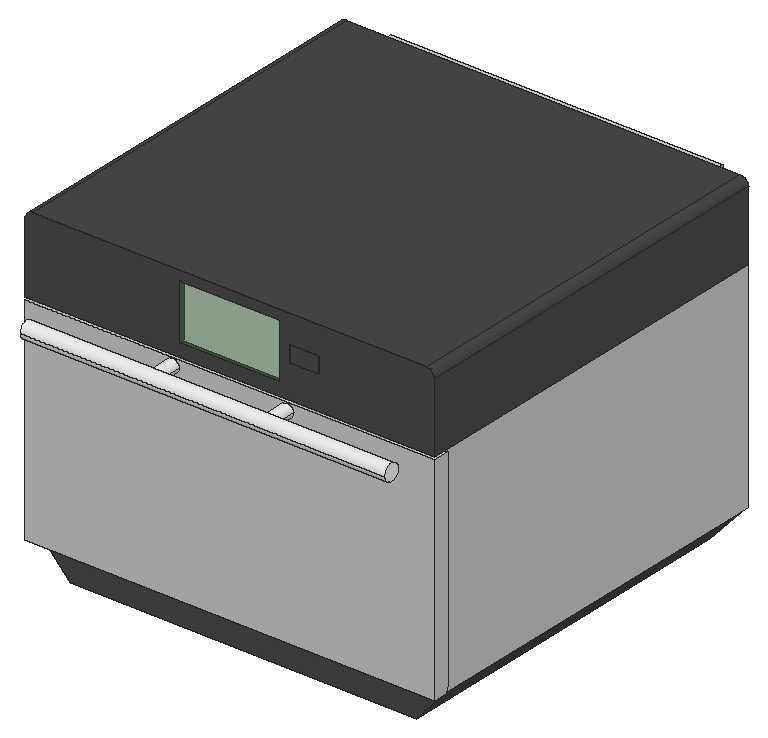
Revit family "QF_ACP_AXP-MXP", category Specialty Equipment, Revit 2016
Family settings
  Part Type = Normal
  Round Connector Dimension = Use Diameter
  OmniClass Number = 23.40.40.14.31
  OmniClass Title = Cleaning and Disposal Equipment
  Work Plane-Based = Yes
  Always vertical = Yes
  Cut with Voids When Loaded = No
  Shared = No
  Room Calculation Point = No
Parameters
  Weight in Pounds = 150
  Watts = 5700 W
  Watermarked By = "http://revitwatermark.com"
  Volts = 208 V
  URL Manufacturer = ""
  URL Cutsheet = ""
  URL = "www.acpsolutions.com"
  Status [instance] = ""
  Specification by User [instance] = ""
  Specification by Manufacturer = ""
  Serial Number = ""
  Seismic Rating [instance] = ""
  Revision Code [instance] = ""
  Phase = 1
  Omniclass Number and Title = ""
  Number of Poles [instance] = 1
  NAFEM Spec ID Number = ""
  Model = "AXP-MXP"
  Masterspec = ""
  Manufacturer = "ACP"
  Item Number [instance] = "-"
  Installed By [instance] = ""
  Furnished By [instance] = ""
  Foodservice Equipment Identifier [instance] = yes
  FL Amps = 27.4 A
  Electrical Remarks [instance] = ""
  Electric Connection Type [instance] = ""
  Elec Conn RI Height [instance] = 0.00"
  Elec Conn Connection Height [instance] = 6.00"
  Description = "Combination Cooking Oven"
  Default Elevation = 48.00"
  Cycle = 60 Hz
  Conn Plug = "NEMA 6-30P"
  CSI MasterFormat = "11 44 16"
  Assembly Code = "E1090320"
  Apparent Power = if(Phase = 3, Volts * FL Amps * 1.73, Volts * FL Amps)  # 5699.2 VA
Reference planes (in)
  plane 1 "BACK": y = -0.25
  plane 2: z = 0
  plane 3 "LEFT": x = 0
  plane 4 "RIGHT": x = 25.125
  plane 5 "FRONT": y = -25.76
  plane 6 "TOP": z = 20.3
  plane 7 "Handle": y = -27.34
  plane 8: z = 14.89
  plane 9: z = 6
  plane 10: x = 1.25727
  plane 11 "Back of Box": y = -1.73
  plane 12: z = 19.42578
  plane 13: z = 8.94922
  plane 14: z = 2.14
  plane 15 "Front of Box": y = -24.71
  plane 16: z = 27.625
  plane 17: x = 2.06
  plane 18: x = 22.375
  plane 19: z = 15.53
  plane 20: y = -39.22
  plane 21: z = 15.356
  plane 22: x = 1.3725
  plane 23: x = 23.7525
  plane 24: x = 9.06
  plane 25: x = 16.065
  plane 26: z = 19.73
  plane 27: z = 16.32
  plane 28: z = 18.57
  plane 29: z = 17.57
  plane 30: x = 9.514
  plane 31: x = 15.604
  plane 32: x = 16.224
  plane 33: x = 17.999
  plane 34: x = 12.5625
  plane 35: x = 14.0625
  plane 36: x = 11.0625
Forms (in)
  Extrusion 1, solid, material "QF_Plastic-Black-Fine Textured"
    sketch origin (0, -0.25, 0) x (1, 0, 0) y (0, 0, 1)
      loop
        line (0, 2.14) -> (1.95607, 0) -> (23.18381, 0) -> (25.10479, 2.14) -> (0, 2.14)
    from 2 to 24.46
  Extrusion 2, solid, material "QF_Stainless-Polished"
    sketch origin (0, -0.25, 0) x (1, 0, 0) y (0, 0, 1)
      loop
        line (0, 15.53) -> (0, 2.14) -> (25.10479, 2.14) -> (25.10479, 15.53) -> (0, 15.53)
    from 1.44487 to 24.46
  Extrusion 3, solid, material "QF_Plastic-Black-Fine Textured"
    sketch origin (0, -23.67487, 0) x (-1, 0, 0) y (0, 0, 1)
      loop
        line (-0.5, 20.3) -> (-24.625, 20.3)
        arc (-24.625, 20.3) -> (-24.97855, 20.15355) -> (-25.125, 19.8) r 0.5
        line (-25.125, 19.8) -> (-25.125, 15.53) -> (0, 15.53) -> (0, 19.8)
        arc (0, 19.8) -> (-0.14645, 20.15355) -> (-0.5, 20.3) r 0.5
      loop
        line (-9.514, 16.32) -> (-9.514, 19.73) -> (-15.604, 19.73) -> (-15.604, 16.32) -> (-9.514, 16.32)
      loop
        line (-16.224, 18.57) -> (-17.999, 18.57) -> (-17.999, 17.57) -> (-16.224, 17.57) -> (-16.224, 18.57)
    from 21.98 to -2.08513
  Extrusion 4, void
    sketch origin (0, -0.25, 0) x (1, 0, 0) y (0, 0, 1)
      loop
        circle (1.25727, 6) r 0.25
    from 1.65391 to 1.44487
  Extrusion 5, solid
    sketch origin (0, -0.25, 0) x (1, 0, 0) y (0, 0, 1)
      loop
        line (22.375, 19.42578) -> (2.06, 19.42578) -> (2.06, 8.94922) -> (22.375, 8.94922) -> (22.375, 19.42578)
    from 0 to 1.44487
  Extrusion 6, solid, material "QF_Stainless-Polished"
    sketch origin (0, 0, 0) x (0, 1, 0) y (0, 0, 1)
      loop
        line (-24.71, 15.356) -> (-25.76, 15.356) -> (-25.76, 2.14) -> (-24.88021, 2.14) -> (-24.71, 2.50501) -> (-24.71, 15.356)
    from 0 to 25.125
  Extrusion 7, solid, material "QF_Steel-Chrome Plated"
    sketch origin (0, 0, 0) x (0, 1, 0) y (0, 0, 1)
      loop
        circle (-27.34, 14.89) r 0.5
    from 1.3725 to 23.7525
  Extrusion 8, solid, material "QF_Steel-Chrome Plated"
    sketch origin (0, -27.34, -24) x (0, 0, -1) y (1, 0, 0)
      loop
        circle (-38.89, 9.06) r 0.395
      loop
        circle (-38.89, 16.065) r 0.395
    from 0 to -1.58
  Extrusion 9, solid, material "QF_Glass-LED-Green"
    sketch origin (0, -27.34, -24) x (0, 0, -1) y (1, 0, 0)
      loop
        line (-43.73, 9.514) -> (-40.32, 9.514) -> (-40.32, 15.604) -> (-43.73, 15.604) -> (-43.73, 9.514)
    from -1.58 to -1.84009
  Extrusion 10, solid, material "QF_Plastic-Light Gray"
    sketch origin (0, 0, 0) x (1, 0, 0) y (0, 1, 0)
      loop
        line (9.514, -25.49991) -> (15.604, -25.49991) -> (15.604, -25.39418) -> (9.514, -25.39418) -> (9.514, -25.49991)
    from 16.32 to 19.73
  Extrusion 11, solid, material "QF_Plastic-Black-Fine Textured"
    sketch origin (0, -25.76, 0) x (1, 0, 0) y (0, 0, 1)
      loop
        line (16.224, 18.57) -> (16.224, 17.57) -> (17.999, 17.57) -> (17.999, 18.57) -> (16.224, 18.57)
    from 0 to -0.87979
  Extrusion 12, solid, material "QF_Clearance", detail levels coarse+medium
    sketch origin (0, 0, 0) x (1, 0, 0) y (0, 1, 0)
      loop
        line (0, -25.76) -> (0, -0.25) -> (25.125, -0.25) -> (25.125, -25.76) -> (27.125, -25.76) -> (27.125, 1.75) -> (-2, 1.75) -> (-2, -25.76) -> (0, -25.76)
    from 0 to 20.3
  Extrusion 13, solid, material "QF_Clearance", detail levels coarse+medium
    sketch origin (0, 0, 0) x (0, 1, 0) y (0, 0, 1)
      loop
        arc (-25.76, 15.285) -> (-35.3476, 11.63858) -> (-39.22, 2.14) r 12.86299
        line (-39.22, 2.14) -> (-25.76, 2.14) -> (-25.76, 15.285)
    from 0 to 25.125
Cuts and joins
  Extrusion 4 cuts Extrusion 2
Lines and regions (in)
  symbolic lines, style "QF_Clearances_Code Mandatory", detail levels coarse+medium
    curve 1: line (-2, -25.76, 0) -> (-2, 1.75, 0)
    curve 2: line (-2, 1.75, 0) -> (27.125, 1.75, 0)
    curve 6: line (27.125, -25.76, 0) -> (27.125, 1.75, 0)
  symbolic lines, style "QF_Clearances_Door_Drawer", detail levels coarse+medium
    curve 3: line (0, -26.125, 0) -> (0, -39.22, 0)
    curve 4: line (0, -39.22, 0) -> (25.125, -39.22, 0)
    curve 5: line (25.125, -39.22, 0) -> (25.125, -26.125, 0)
  symbolic lines
    curve 7: line (2.06, -0.25, 0) -> (22.375, -0.25, 0)
    curve 8: line (0, -25.76, 0) -> (0, -1.69487, 0)
    curve 9: line (25.125, -25.76, 0) -> (0, -25.76, 0)
    curve 10: line (25.125, -1.69487, 0) -> (25.125, -25.76, 0)
    curve 11: line (1.3725, -26.84, 0) -> (23.7525, -26.84, 0)
    curve 12: line (1.3725, -27.84, 0) -> (1.3725, -26.84, 0)
    curve 13: line (23.7525, -27.84, 0) -> (1.3725, -27.84, 0)
    curve 14: line (23.7525, -26.84, 0) -> (23.7525, -27.84, 0)
    curve 15: line (8.665, -25.76, 0) -> (8.665, -26.84, 0)
    curve 16: line (9.455, -25.76, 0) -> (9.455, -26.84, 0)
    curve 17: line (16.46, -25.76, 0) -> (16.46, -26.84, 0)
    curve 18: line (15.67, -25.76, 0) -> (15.67, -26.84, 0)
    curve 21: line (22.375, -0.25, 0) -> (22.375, -1.69487, 0)
    curve 22: line (0, -1.69487, 0) -> (2.06, -1.69487, 0)
    curve 23: line (22.375, -1.69487, 0) -> (25.125, -1.69487, 0)
  symbolic lines, style "QF_Details_Surface"
    curve 19: line (0, -24.88021, 0) -> (25.125, -24.88021, 0)
  symbolic lines, style "SpecialityEquipment"
    curve 20: line (2.06, -0.25, 0) -> (2.06, -1.69487, 0)
Dimensions and locks (in)
  plane 3 "LEFT" to plane 4 "RIGHT" = 25.125"
  locked: plane 15 "Front of Box" to plane 11 "Back of Box" at 22.98
  locked: plane 5 "FRONT" to plane 15 "Front of Box" at 1.05
  locked: plane 11 "Back of Box" to plane 1 "BACK" at 1.48
  locked: plane 3 "LEFT" to plane 17 at 2.06
  locked: plane 18 to plane 4 "RIGHT" at 2.75
  plane 14 to level = 2.14"
  plane 6 "TOP" to level = 20.30"
  locked: plane 6 "TOP" to plane 19 at 4.77
  locked: plane 7 "Handle" to plane 5 "FRONT" at 1.58
  locked: plane 20 to plane 5 "FRONT" at 13.46
  locked: curve 3 to plane 22 at 1.3725
  locked: plane 23 to curve 5 at 1.3725
  locked: plane 8 to level at 14.89
  locked: plane 22 to plane 24 at 7.6875
  locked: plane 25 to plane 23 at 7.6875
  locked: plane 6 "TOP" to plane 26 at 0.57
  locked: plane 26 to plane 27 at 3.41
  locked: plane 6 "TOP" to plane 28 at 1.73
  locked: plane 28 to plane 29 at 1
  locked: plane 3 "LEFT" to plane 30 at 9.514
  locked: plane 30 to plane 31 at 6.09
  locked: plane 32 to plane 31 at 0.62
  locked: plane 33 to plane 32 at 1.775
  plane 6 "TOP" to plane 28 = 1.73"
  locked: curve 1 to plane 3 "LEFT" at 2
  locked: plane 4 "RIGHT" to curve 6 at 2
  locked: curve 2 to Extrusion 5 at 2
  equal spacing: plane 4 "RIGHT", plane 34, plane 3 "LEFT"
  locked: plane 34 to plane 36 at 1.5
  locked: plane 35 to plane 34 at 1.5
  aligned and locked: level to plane 2
  aligned and locked: plane 5 "FRONT" to Extrusion 3
  aligned and locked: Extrusion 5 to cut or joined group of Extrusion 2, Extrusion 4
  aligned and locked: plane 18 to Extrusion 5
  aligned and locked: Extrusion 5 to plane 17
  aligned and locked: Extrusion 3 to plane 19
  aligned and locked: curve 4 to plane 20
  aligned and locked: plane 6 "TOP" to Extrusion 3
  aligned and locked: plane 4 "RIGHT" to Extrusion 6
  aligned and locked: plane 23 to Extrusion 7
  aligned and locked: Extrusion 7 to plane 22
  aligned and locked: Extrusion 8 to plane 5 "FRONT"
  aligned and locked: plane 27 to Extrusion 3 sketch curve
  aligned and locked: plane 30 to Extrusion 3 sketch curve
  aligned and locked: Extrusion 3 sketch curve to plane 26
  aligned and locked: Extrusion 3 sketch curve to plane 31
  aligned and locked: plane 28 to Extrusion 3 sketch curve
  aligned and locked: Extrusion 3 sketch curve to plane 32
  aligned and locked: Extrusion 3 sketch curve to plane 29
  aligned and locked: plane 33 to Extrusion 3 sketch curve
  aligned and locked: Extrusion 9 sketch curve to Extrusion 3  (x4)
  aligned and locked: plane 5 "FRONT" to Extrusion 9
  aligned and locked: Extrusion 10 sketch curve to Extrusion 9
  aligned and locked: Extrusion 10 to Extrusion 3  (x2)
  aligned and locked: Extrusion 11 sketch curve to Extrusion 3  (x4)
  aligned and locked: Extrusion 11 to Extrusion 6
  aligned and locked: plane 4 "RIGHT" to Extrusion 13
  aligned and locked: Extrusion 12 to curve 7
  aligned and locked: Extrusion 12 to curve 8
  aligned and locked: curve 10 to Extrusion 6
  aligned and locked: curve 12 to Extrusion 7
  aligned and locked: curve 14 to Extrusion 7
  aligned and locked: curve 17 to Extrusion 8
  aligned and locked: curve 18 to Extrusion 8
  aligned and locked: Extrusion 2 to Extrusion 3
Automatic sketch dimensions
  curve 20 to plane 17 = 0.00"
  curve 23 to plane 18 = 0.00"
  plane 5 "FRONT" to curve 6 = 0.00"
  plane 5 "FRONT" to curve 1 = 0.00"
  plane 7 "Handle" to curve 14 = 0.50"
  curve 14 to plane 7 "Handle" = 0.50"
  curve 22 to plane 11 "Back of Box" = 0.03513"
  curve 21 to plane 11 "Back of Box" = 0.03513"
  curve 15 to plane 24 = 0.395"
  curve 16 to plane 30 = 0.059"
  plane 31 to curve 18 = 0.066"
  plane 32 to curve 17 = 0.236"
  plane 5 "FRONT" to curve 3 = 0.365"
  plane 5 "FRONT" to curve 5 = 0.365"
  plane 15 "Front of Box" to curve 19 = 0.17021"
  Extrusion 1 sketch curve to plane 3 "LEFT" = 0.00"
  Extrusion 1 sketch curve to level = 0.00"
  Extrusion 1 sketch curve to plane 14 = 0.00"
  Extrusion 1 sketch curve to plane 17 = 0.10393"
  Extrusion 1 sketch curve to plane 23 = 0.56869"
  Extrusion 1 sketch curve to plane 4 "RIGHT" = 0.02021"
  Extrusion 2 sketch curve to plane 3 "LEFT" = 0.00"
  Extrusion 2 sketch curve to plane 14 = 0.00"
  Extrusion 2 sketch curve to plane 19 = 0.00"
  Extrusion 2 sketch curve to plane 4 "RIGHT" = 0.02021"
  Extrusion 3 sketch curve to plane 4 "RIGHT" = 0.00"
  Extrusion 3 sketch curve to plane 6 "TOP" = 0.00"
  Extrusion 3 sketch curve to plane 3 "LEFT" = 0.00"
  Extrusion 3 sketch curve to plane 19 = 0.00"
  plane 26 to Extrusion 3 sketch curve = 0.07"
  plane 3 "LEFT" to Extrusion 3 sketch curve = 0.50"
  Extrusion 4 sketch curve to plane 9 = 0.00"
  Extrusion 4 sketch curve to plane 10 = 0.00"
  Extrusion 5 sketch curve to plane 12 = 0.00"
  Extrusion 5 sketch curve to plane 17 = 0.00"
  Extrusion 5 sketch curve to plane 13 = 0.00"
  Extrusion 5 sketch curve to plane 18 = 0.00"
  Extrusion 6 sketch curve to plane 5 "FRONT" = 0.00"
  Extrusion 6 sketch curve to plane 14 = 0.00"
  Extrusion 6 sketch curve to plane 15 "Front of Box" = 0.00"
  Extrusion 6 sketch curve to plane 21 = 0.00"
  plane 15 "Front of Box" to Extrusion 6 sketch curve = 0.17021"
  plane 14 to Extrusion 6 sketch curve = 0.36501"
  Extrusion 7 sketch curve to plane 7 "Handle" = 0.00"
  Extrusion 7 sketch curve to plane 8 = 0.00"
  Extrusion 8 sketch curve to plane 8 = 0.00"  (x2)
  Extrusion 8 sketch curve to plane 24 = 0.00"
  Extrusion 8 sketch curve to plane 25 = 0.00"
  Extrusion 10 sketch curve to plane 30 = 0.00"
  Extrusion 10 sketch curve to plane 31 = 0.00"
  Extrusion 10 sketch curve to Extrusion 10 sketch curve = 0.10572"
  plane 5 "FRONT" to Extrusion 12 sketch curve = 0.00"  (x2)
  Extrusion 12 sketch curve to plane 3 "LEFT" = 0.00"
  Extrusion 12 sketch curve to plane 4 "RIGHT" = 0.00"
  plane 1 "BACK" to Extrusion 12 sketch curve = 0.00"
  Extrusion 12 sketch curve to plane 3 "LEFT" = 2.00"
  plane 4 "RIGHT" to Extrusion 12 sketch curve = 2.00"
  Extrusion 12 sketch curve to plane 1 "BACK" = 2.00"
  Extrusion 13 sketch curve to plane 14 = 0.00"
  Extrusion 13 sketch curve to plane 20 = 0.00"
  Extrusion 13 sketch curve to plane 5 "FRONT" = 0.00"
  plane 14 to Extrusion 13 sketch curve = 0.29603"
  plane 5 "FRONT" to Extrusion 13 sketch curve = 0.60041"
  radius of Extrusion 4 sketch curve = 0.25"
  radius of Extrusion 7 sketch curve = 0.50"
  radius of Extrusion 8 sketch curve = 0.395"  (x2)
Connectors (in)
  electrical at (1.25727, -1.90391, 6), driven by "Number of Poles", driven by "Volts", driven by "Apparent Power"
    settings: on cut or joined group of Extrusion 2, Extrusion 4, index 1, voltage 208 V, apparent load 5699.2 VA, apparent load phase1 0 VA, apparent load phase2 0 VA, apparent load phase3 0 VA, power factor 1, load classification "Other", number of poles 1, system type 30, power factor state 1, is connector primary yes, connector utility no, sub classification motor no, connector description "ELECTRIC"
